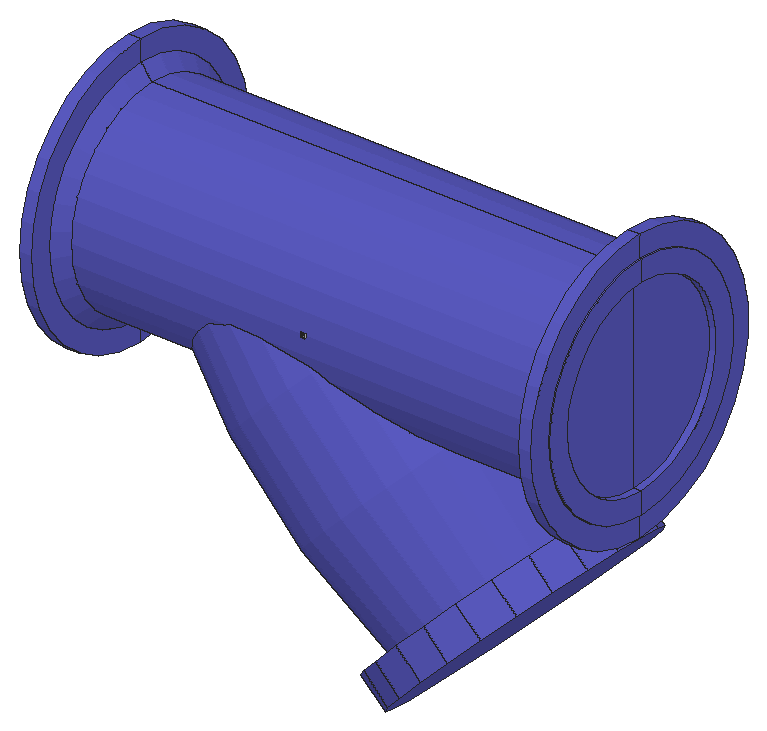
Revit family "HERZ Strainer 4111", category Rohrzubehör, Revit 2019
Family settings
  Bemaßung runder Anschluss = Durchmesser verwenden
  Teiletyp = Unterbricht
  OmniClass-Nummer = 23.65.55.14
  OmniClass-Titel = Valves for Liquid Services
  Arbeitsebenenbasiert = Nein
  Immer vertikal = Ja
  Beim Laden mit Abzugskörper schneiden = Nein
  Gemeinsam genutzt = Nein
Parameters
  Weight [instance] = size_lookup("4111_F_", "Gew", 0, Nennweite)  # 505
  Part number [instance] = size_lookup("4111_F_", "Artnr", 0, Nennweite)  # 4411190
  PN = 1600000.0 Pa  # constant formula
  kvs [instance] = if(Nennweite = 50.000 mm, 51, if(Nennweite = 65.000 mm, 70, if(Nennweite = 80.000 mm, 114, if(Nennweite = 100.000 mm, 197, if(Nennweite = 125.000 mm, 271, if(Nennweite = 150.000 mm, 349, if(Nennweite = 200.000 mm, 449, if(Nennweite = 250.000 mm, 994, if(Nennweite = 300.000 mm, 1566, if(Nennweite = 350.000 mm, 2461, 3645))))))))))  # 3645
  Reinforcing frame = "stainless steel"  # constant formula
  W02 = 45.00°  # constant formula
  W01 = 140.00°  # constant formula
  Plug sealing = "copper"  # constant formula
  Plug = "steel St37"  # constant formula
  URL = "www.herzvalves.com"
  Schrauben [instance] = if(Nennweite = 50.000 mm, "4x M16x60", if(Nennweite = 65.000 mm, "4x M16x60", if(Nennweite = 80.000 mm, "8x M16x65", if(Nennweite = 100.000 mm, "8x M16x65", if(Nennweite = 125.000 mm, "8x M16x70", if(Nennweite = 150.000 mm, "8x M20x70", if(Nennweite = 200.000 mm, "12x M20x75", if(Nennweite = 250.000 mm, "12x M24x85", if(Nennweite = 300.000 mm, "12x M24x85", if(Nennweite = 350.000 mm, "16x M24x90", "16x M27x100"))))))))))  # "16x M27x100"
  SCRNSEQ = "AWI;AWI_TYP=\"1011\";2"
  SCRNCODE = "05;15;02"  # constant formula
  S01 [instance] = 2 * FLD01  # 580.000 mm
  R02 [instance] = size_lookup("4111_F_", "R2", 1.000 mm, Nennweite)  # 221.000 mm
  R01 [instance] = size_lookup("4111_F_", "R1", 1.000 mm, Nennweite)  # 250.000 mm
  Nennweite [instance] = 400.000 mm
  Min. operating temperature = -10 °C  # constant formula
  Medium = "Heating water quality according ÖNORM H5195 or VDI-Standard 2035. The use of ethylene or propylene glycol in a mixing ratio 25-50% is allowed."
  Max. operating temperature = 120 °C  # constant formula
  L02 [instance] = size_lookup("4111_F_", "L2", 1.000 mm, Nennweite)  # 301.000 mm
  Hersteller = "HERZ Armaturen Ges.m.b.H."  # constant formula
  L01 [instance] = size_lookup("4111_F_", "L1", 1.000 mm, Nennweite)  # 550.000 mm
  H01 [instance] = size_lookup("4111_F_", "H1", 1.000 mm, Nennweite)  # 479.500 mm
  Filter (DN50-DN80) = "AISI 304, mesh size 600 μm"  # constant formula
  Filter (DN100-DN400) = "AISI 304, mesh size 1500 μm"  # constant formula
  FLL02 [instance] = size_lookup("4111_F_", "FLL2", 1.000 mm, Nennweite)  # 30.000 mm
  FLL01 [instance] = size_lookup("4111_F_", "FLL1", 1.000 mm, Nennweite)  # 4.000 mm
  FLD02 [instance] = size_lookup("4111_F_", "FLD2", 1.000 mm, Nennweite)  # 245.000 mm
  FLD01 [instance] = size_lookup("4111_F_", "FLD1", 1.000 mm, Nennweite)  # 290.000 mm
  Seal = "Klingerit"  # constant formula
  DN80 [instance] = Nennweite = 80.000 mm  # no
  DN65 [instance] = Nennweite = 65.000 mm  # no
  DN50 [instance] = Nennweite = 50.000 mm  # no
  DN400 [instance] = Nennweite = 400.000 mm  # yes
  DN350 [instance] = Nennweite = 350.000 mm  # no
  DN300 [instance] = Nennweite = 300.000 mm  # no
  DN250 [instance] = Nennweite = 250.000 mm  # no
  DN200 [instance] = Nennweite = 200.000 mm  # no
  DN150 [instance] = Nennweite = 150.000 mm  # no
  DN125 [instance] = Nennweite = 125.000 mm  # no
  DN100 [instance] = Nennweite = 100.000 mm  # no
  DN [instance] = Nennweite / 2  # 200.000 mm
  D01 [instance] = size_lookup("4111_F_", "D1", 1.000 mm, Nennweite)  # 216.000 mm
  Body = "GG25"  # constant formula
  Bonnet = "GG25"  # constant formula
  Application = "For hot and cold water systems for fluids excluding acid and flammable fluids."
Reference planes
  plane 1 "Mitte (Vorne/hinten)": y = 0
  plane 2: z = 0
  plane 3 "Mitte (Links/rechts)": x = 0
Forms (mm)
  Revolve 1, solid, material "Herz-Marineblau", detail levels fine
    sketch origin (0, 0, 0) x (1, 0, 0) y (0, 0, 1)
      loop
        line (-546, 245) -> (-550, 245) -> (-550, 200) -> (-533.79, 200) -> (-533.79, 0) -> (533.79, 0) -> (533.79, 200) -> (550, 200) -> (550, 245) -> (546, 245) -> (546, 290) -> (520, 290) -> (520, 234.5) -> (504.477, 216) -> (-495.666, 216) -> (-520, 245) -> (-520, 290) -> (-546, 290) -> (-546, 245)
      axis (-550, 0) -> (550, 0)
    angle from 0 to 360
  Revolve 2, solid, material "Herz-Marineblau", detail levels fine
    sketch origin (0, 0, 0) x (1, 0, 0) y (0, 0, 1)
      loop
        line (-230.5, 0) -> (-371.921, -141.421)
        arc (-371.921, -141.421) -> (-167.867, -415.168) -> (92.729, -635.771) r 1502.314
        line (92.729, -635.771) -> (249, -479.5) -> (-230.5, 0)
      axis (-230.5, 0) -> (249, -479.5)
    angle from 0 to 360
  Extrusion 3, solid, material "Herz-Marineblau", visible <- "DN50", detail levels fine
    sketch origin (12, 0, -74) x (0, 1, 0) y (0.707107, 0, 0.707107)
      loop
        arc (50, 40) -> (47.071, 47.071) -> (40, 50) r 10
        line (40, 50) -> (-40, 50)
        arc (-40, 50) -> (-47.071, 47.071) -> (-50, 40) r 10
        line (-50, 40) -> (-50, -40)
        arc (-50, -40) -> (-47.071, -47.071) -> (-40, -50) r 10
        line (-40, -50) -> (40, -50)
        arc (40, -50) -> (47.071, -47.071) -> (50, -40) r 10
        line (50, -40) -> (50, 40)
    from 30.5 to 0
  Extrusion 4, solid, material "Herz-Marineblau", visible <- "DN65", detail levels fine
    sketch origin (17, 0, -102.5) x (0, 1, 0) y (0.707107, 0, 0.707107)
      loop
        line (-60, 40) -> (-60, -40)
        arc (-60, -40) -> (-54.142, -54.142) -> (-40, -60) r 20
        line (-40, -60) -> (40, -60)
        arc (40, -60) -> (54.142, -54.142) -> (60, -40) r 20
        line (60, -40) -> (60, 40)
        arc (60, 40) -> (54.142, 54.142) -> (40, 60) r 20
        line (40, 60) -> (-40, 60)
        arc (-40, 60) -> (-54.142, 54.142) -> (-60, 40) r 20
    from 33 to 0
  Extrusion 5, solid, material "Herz-Marineblau", visible <- "DN80", detail levels fine
    sketch origin (44, 0, -118) x (0, 1, 0) y (0.707107, 0, 0.707107)
      loop
        line (-67, 47) -> (-67, -47)
        arc (-67, -47) -> (-61.142, -61.142) -> (-47, -67) r 20
        line (-47, -67) -> (47, -67)
        arc (47, -67) -> (61.142, -61.142) -> (67, -47) r 20
        line (67, -47) -> (67, 47)
        arc (67, 47) -> (61.142, 61.142) -> (47, 67) r 20
        line (47, 67) -> (-47, 67)
        arc (-47, 67) -> (-61.142, 61.142) -> (-67, 47) r 20
    from 34 to 0
  Extrusion 6, solid, material "Herz-Marineblau", visible <- "DN100", detail levels fine
    sketch origin (43, -449.258, -142) x (0, 1, 0) y (0.707107, 0, 0.707107)
      loop
        line (544.008, 0) -> (531.314, 47.375) -> (496.633, 82.056) -> (449.258, 94.75) -> (401.883, 82.056) -> (367.203, 47.375) -> (354.508, 0) -> (367.203, -47.375) -> (401.883, -82.056) -> (449.258, -94.75) -> (496.633, -82.056) -> (531.314, -47.375) -> (544.008, 0)
    from 35.5 to 0
  Extrusion 7, solid, material "Herz-Marineblau", visible <- "DN125", detail levels fine
    sketch origin (54, -422.813, -170) x (0, 1, 0) y (0.707107, 0, 0.707107)
      loop
        line (535.313, 0) -> (520.241, 56.25) -> (479.063, 97.428) -> (422.813, 112.5) -> (366.563, 97.428) -> (325.386, 56.25) -> (310.313, 0) -> (325.386, -56.25) -> (366.563, -97.428) -> (422.813, -112.5) -> (479.063, -97.428) -> (520.241, -56.25) -> (535.313, 0)
    from 44.5 to 0
  Extrusion 8, solid, material "Herz-Marineblau", visible <- "DN150", detail levels fine
    sketch origin (61.5, -490.074, -187.5) x (0, 1, 0) y (0.707107, 0, 0.707107)
      loop
        line (621.324, 0) -> (603.739, 65.625) -> (555.699, 113.666) -> (490.074, 131.25) -> (424.449, 113.666) -> (376.408, 65.625) -> (358.824, 0) -> (376.408, -65.625) -> (424.449, -113.666) -> (490.074, -131.25) -> (555.699, -113.666) -> (603.739, -65.625) -> (621.324, 0)
    from 44.7 to 0
  Extrusion 9, solid, material "Herz-Marineblau", visible <- "DN200", detail levels fine
    sketch origin (82, -429.19, -249) x (0, 1, 0) y (0.707107, 0, 0.707107)
      loop
        line (588.19, 0) -> (566.888, 79.5) -> (508.69, 137.698) -> (429.19, 159) -> (349.69, 137.698) -> (291.492, 79.5) -> (270.19, 0) -> (291.492, -79.5) -> (349.69, -137.698) -> (429.19, -159) -> (508.69, -137.698) -> (566.888, -79.5) -> (588.19, 0)
    from 47 to 0
  Extrusion 10, solid, material "Herz-Marineblau", visible <- "DN250", detail levels fine
    sketch origin (109.5, -496.545, -300) x (0, 1, 0) y (0.707107, 0, 0.707107)
      loop
        line (686.545, 0) -> (680.071, 49.176) -> (661.09, 95) -> (630.895, 134.35) -> (591.545, 164.545) -> (545.72, 183.526) -> (496.545, 190) -> (447.369, 183.526) -> (401.545, 164.545) -> (362.194, 134.35) -> (332, 95) -> (313.019, 49.176) -> (306.545, 0) -> (313.019, -49.176) -> (332, -95) -> (362.194, -134.35) -> (401.545, -164.545) -> (447.369, -183.526) -> (496.545, -190) -> (545.72, -183.526) -> (591.545, -164.545) -> (630.895, -134.35) -> (661.09, -95) -> (680.071, -49.176) -> (686.545, 0)
    from 56.5 to 0
  Extrusion 11, solid, material "Herz-Marineblau", visible <- "DN300", detail levels fine
    sketch origin (82, 617.078, -333) x (0, 1, 0) y (0.707107, 0, 0.707107)
      loop
        line (-390.078, 0) -> (-397.813, 58.752) -> (-420.49, 113.5) -> (-456.565, 160.513) -> (-503.578, 196.588) -> (-558.326, 219.265) -> (-617.078, 227) -> (-675.83, 219.265) -> (-730.578, 196.588) -> (-777.591, 160.513) -> (-813.666, 113.5) -> (-836.343, 58.752) -> (-844.078, 0) -> (-836.343, -58.752) -> (-813.666, -113.5) -> (-777.591, -160.513) -> (-730.578, -196.588) -> (-675.83, -219.265) -> (-617.078, -227) -> (-558.326, -219.265) -> (-503.578, -196.588) -> (-456.565, -160.513) -> (-420.49, -113.5) -> (-397.813, -58.752) -> (-390.078, 0)
    from 61 to 0
  Extrusion 12, solid, material "Herz-Marineblau", visible <- "DN350", detail levels fine
    sketch origin (211, 802.601, -476) x (0, 1, 0) y (0.707107, 0, 0.707107)
      loop
        line (-547.601, 0) -> (-556.29, 65.999) -> (-581.764, 127.5) -> (-622.288, 180.312) -> (-675.101, 220.836) -> (-736.602, 246.311) -> (-802.601, 255) -> (-868.6, 246.311) -> (-930.101, 220.836) -> (-982.913, 180.312) -> (-1023.437, 127.5) -> (-1048.912, 65.999) -> (-1057.601, 0) -> (-1048.912, -65.999) -> (-1023.437, -127.5) -> (-982.913, -180.312) -> (-930.101, -220.836) -> (-868.6, -246.311) -> (-802.601, -255) -> (-736.602, -246.311) -> (-675.101, -220.836) -> (-622.288, -180.312) -> (-581.764, -127.5) -> (-556.29, -65.999) -> (-547.601, 0)
    from 73 to 0
  Extrusion 13, solid, material "Herz-Marineblau", visible <- "DN400", detail levels fine
    sketch origin (249, 812.573, -479.5) x (0, 1, 0) y (0.707107, 0, 0.707107)
      loop
        line (-532.573, 0) -> (-542.114, 72.469) -> (-570.086, 140) -> (-614.583, 197.99) -> (-672.573, 242.487) -> (-740.104, 270.459) -> (-812.573, 280) -> (-885.042, 270.459) -> (-952.573, 242.487) -> (-1010.563, 197.99) -> (-1055.06, 140) -> (-1083.032, 72.469) -> (-1092.573, 0) -> (-1083.032, -72.469) -> (-1055.06, -140) -> (-1010.563, -197.99) -> (-952.573, -242.487) -> (-885.042, -270.459) -> (-812.573, -280) -> (-740.104, -270.459) -> (-672.573, -242.487) -> (-614.583, -197.99) -> (-570.086, -140) -> (-542.114, -72.469) -> (-532.573, 0)
    from 74 to 0
Lines and regions (mm)
  model lines, detail levels coarse+medium
    curve 1: line (-550, 0, 290) -> (550, 0, 290)
    curve 2: line (-550, 0, -290) -> (-550, 0, 290)
    curve 3: line (550, 0, -290) -> (-550, 0, -290)
    curve 4: line (550, 0, 290) -> (550, 0, -290)
    curve 5: line (550, 0, -290) -> (-550, 0, 290)
    curve 6: line (-550, 290, 0) -> (550, 290, 0)
    curve 7: line (-550, -290, 0) -> (-550, 290, 0)
    curve 8: line (550, -290, 0) -> (-550, -290, 0)
    curve 9: line (550, 290, 0) -> (550, -290, 0)
    curve 10: line (550, -290, 0) -> (-550, 290, 0)
Dimensions and locks
  "FLD01": Revolve 1 sketch curve to plane 2  (x2)
  "FLD02": Revolve 1 sketch curve to plane 2  (x3)
  "DN": Revolve 1 sketch curve to plane 2  (x2)
  "L01": Revolve 1 sketch curve to plane 3 "Mitte (Links/rechts)"  (x2)
  "FLL01": Revolve 1 sketch curve to Revolve 1 sketch curve  (x2)
  "FLL02": Revolve 1 sketch curve to Revolve 1 sketch curve  (x2)
  "D01": Revolve 1 sketch curve to plane 2  (x2)
  "H01": plane 2 to Revolve 2 sketch curve
  "L02": Revolve 2 sketch curve to Revolve 1
  "R02": Revolve 2 sketch curve to Revolve 2 sketch curve
  "DN": Revolve 2 sketch curve to Revolve 2 sketch curve
  "D01": nested 1 to plane 1 "Mitte (Vorne/hinten)"
  "L01": plane 3 "Mitte (Links/rechts)" to curve 2
  "L01": plane 3 "Mitte (Links/rechts)" to curve 4
  equal spacing: curve 5, plane 2, curve 3
  "S01": curve 1 to curve 3
  equal spacing: curve 8, plane 1 "Mitte (Vorne/hinten)", curve 6
  "S01": curve 8 to curve 6
  "L01": curve 7 to plane 3 "Mitte (Links/rechts)"
  "L01": plane 3 "Mitte (Links/rechts)" to curve 9
  "R01": Revolve 2 sketch curve to Revolve 2 sketch curve
  "W01": angle Revolve 1 sketch curve to Revolve 1 sketch curve  (x2)
  "W02": angle Revolve 2 sketch curve to plane 2
  aligned and locked: level to plane 2
Automatic sketch dimensions
  plane 1 "Mitte (Vorne/hinten)" to Extrusion 3 sketch curve = 50.000 mm
  Extrusion 3 sketch curve to Extrusion 3 sketch curve = 10.000 mm  (x3)
  Extrusion 3 sketch curve to plane 1 "Mitte (Vorne/hinten)" = 40.000 mm  (x2)
  Extrusion 3 sketch curve to Extrusion 3 sketch curve = 80.000 mm
  plane 1 "Mitte (Vorne/hinten)" to Extrusion 4 sketch curve = 60.000 mm
  Extrusion 4 sketch curve to Extrusion 4 sketch curve = 20.000 mm  (x3)
  Extrusion 4 sketch curve to plane 1 "Mitte (Vorne/hinten)" = 40.000 mm  (x2)
  Extrusion 4 sketch curve to Extrusion 4 sketch curve = 80.000 mm
  plane 1 "Mitte (Vorne/hinten)" to Extrusion 5 sketch curve = 67.000 mm
  Extrusion 5 sketch curve to Extrusion 5 sketch curve = 20.000 mm  (x3)
  Extrusion 5 sketch curve to plane 1 "Mitte (Vorne/hinten)" = 47.000 mm  (x2)
  Extrusion 5 sketch curve to Extrusion 5 sketch curve = 94.000 mm
  Extrusion 6 sketch curve to plane 1 "Mitte (Vorne/hinten)" = 0.000 mm  (x2)
  plane 1 "Mitte (Vorne/hinten)" to Extrusion 6 sketch curve = 47.375 mm  (x2)
  Extrusion 6 sketch curve to Extrusion 6 sketch curve = 34.681 mm  (x8)
  Extrusion 6 sketch curve to Extrusion 6 sketch curve = 12.694 mm  (x5)
  Extrusion 6 sketch curve to plane 1 "Mitte (Vorne/hinten)" = 47.375 mm  (x2)
  Extrusion 6 sketch curve to Extrusion 6 sketch curve = 47.375 mm  (x4)
  Extrusion 7 sketch curve to plane 1 "Mitte (Vorne/hinten)" = 0.000 mm  (x2)
  plane 1 "Mitte (Vorne/hinten)" to Extrusion 7 sketch curve = 56.250 mm  (x2)
  Extrusion 7 sketch curve to Extrusion 7 sketch curve = 41.178 mm  (x8)
  Extrusion 7 sketch curve to Extrusion 7 sketch curve = 15.072 mm  (x5)
  Extrusion 7 sketch curve to plane 1 "Mitte (Vorne/hinten)" = 56.250 mm  (x2)
  Extrusion 7 sketch curve to Extrusion 7 sketch curve = 56.250 mm  (x4)
  Extrusion 8 sketch curve to plane 1 "Mitte (Vorne/hinten)" = 0.000 mm  (x2)
  plane 1 "Mitte (Vorne/hinten)" to Extrusion 8 sketch curve = 65.625 mm  (x2)
  Extrusion 8 sketch curve to Extrusion 8 sketch curve = 48.041 mm  (x8)
  Extrusion 8 sketch curve to Extrusion 8 sketch curve = 17.584 mm  (x5)
  Extrusion 8 sketch curve to plane 1 "Mitte (Vorne/hinten)" = 65.625 mm  (x2)
  Extrusion 8 sketch curve to Extrusion 8 sketch curve = 65.625 mm  (x4)
  Extrusion 9 sketch curve to plane 1 "Mitte (Vorne/hinten)" = 0.000 mm  (x2)
  plane 1 "Mitte (Vorne/hinten)" to Extrusion 9 sketch curve = 79.500 mm  (x2)
  Extrusion 9 sketch curve to Extrusion 9 sketch curve = 58.198 mm  (x8)
  Extrusion 9 sketch curve to Extrusion 9 sketch curve = 21.302 mm  (x5)
  Extrusion 9 sketch curve to plane 1 "Mitte (Vorne/hinten)" = 79.500 mm  (x2)
  Extrusion 9 sketch curve to Extrusion 9 sketch curve = 79.500 mm  (x4)
  Extrusion 10 sketch curve to plane 1 "Mitte (Vorne/hinten)" = 0.000 mm  (x2)
  plane 1 "Mitte (Vorne/hinten)" to Extrusion 10 sketch curve = 49.176 mm  (x2)
  Extrusion 10 sketch curve to Extrusion 10 sketch curve = 45.824 mm  (x8)
  Extrusion 10 sketch curve to Extrusion 10 sketch curve = 39.350 mm  (x8)
  Extrusion 10 sketch curve to Extrusion 10 sketch curve = 30.195 mm  (x8)
  Extrusion 10 sketch curve to Extrusion 10 sketch curve = 18.981 mm  (x8)
  Extrusion 10 sketch curve to Extrusion 10 sketch curve = 6.474 mm  (x5)
  Extrusion 10 sketch curve to plane 1 "Mitte (Vorne/hinten)" = 49.176 mm  (x2)
  Extrusion 10 sketch curve to Extrusion 10 sketch curve = 49.176 mm  (x4)
  Extrusion 11 sketch curve to plane 1 "Mitte (Vorne/hinten)" = 0.000 mm  (x2)
  plane 1 "Mitte (Vorne/hinten)" to Extrusion 11 sketch curve = 58.752 mm  (x2)
  Extrusion 11 sketch curve to Extrusion 11 sketch curve = 54.748 mm  (x8)
  Extrusion 11 sketch curve to Extrusion 11 sketch curve = 47.013 mm  (x8)
  Extrusion 11 sketch curve to Extrusion 11 sketch curve = 36.075 mm  (x8)
  Extrusion 11 sketch curve to Extrusion 11 sketch curve = 22.677 mm  (x8)
  Extrusion 11 sketch curve to Extrusion 11 sketch curve = 7.735 mm  (x5)
  Extrusion 11 sketch curve to plane 1 "Mitte (Vorne/hinten)" = 58.752 mm  (x2)
  Extrusion 11 sketch curve to Extrusion 11 sketch curve = 58.752 mm  (x4)
  Extrusion 12 sketch curve to plane 1 "Mitte (Vorne/hinten)" = 0.000 mm  (x2)
  plane 1 "Mitte (Vorne/hinten)" to Extrusion 12 sketch curve = 65.999 mm  (x2)
  Extrusion 12 sketch curve to Extrusion 12 sketch curve = 61.501 mm  (x8)
  Extrusion 12 sketch curve to Extrusion 12 sketch curve = 52.812 mm  (x8)
  Extrusion 12 sketch curve to Extrusion 12 sketch curve = 40.524 mm  (x8)
  Extrusion 12 sketch curve to Extrusion 12 sketch curve = 25.475 mm  (x8)
  Extrusion 12 sketch curve to Extrusion 12 sketch curve = 8.689 mm  (x5)
  Extrusion 12 sketch curve to plane 1 "Mitte (Vorne/hinten)" = 65.999 mm  (x2)
  Extrusion 12 sketch curve to Extrusion 12 sketch curve = 65.999 mm  (x4)
  Extrusion 13 sketch curve to plane 1 "Mitte (Vorne/hinten)" = 0.000 mm  (x2)
  plane 1 "Mitte (Vorne/hinten)" to Extrusion 13 sketch curve = 72.469 mm  (x2)
  Extrusion 13 sketch curve to Extrusion 13 sketch curve = 67.531 mm  (x8)
  Extrusion 13 sketch curve to Extrusion 13 sketch curve = 57.990 mm  (x8)
  Extrusion 13 sketch curve to Extrusion 13 sketch curve = 44.497 mm  (x8)
  Extrusion 13 sketch curve to Extrusion 13 sketch curve = 27.972 mm  (x8)
  Extrusion 13 sketch curve to Extrusion 13 sketch curve = 9.541 mm  (x5)
  Extrusion 13 sketch curve to plane 1 "Mitte (Vorne/hinten)" = 72.469 mm  (x2)
  Extrusion 13 sketch curve to Extrusion 13 sketch curve = 72.469 mm  (x4)
  Revolve 1 sketch curve to level = 0.000 mm  (x2)
  Revolve 1 sketch curve to Revolve 1 sketch curve = 16.210 mm  (x2)
  Revolve 1 sketch curve to Revolve 1 sketch curve = 15.523 mm
  Revolve 1 sketch curve to Revolve 1 sketch curve = 1391.530 mm
  Revolve 1 sketch curve to Revolve 1 sketch curve = 1724.148 mm
  Revolve 2 sketch curve to level = 0.000 mm  (x2)
  Revolve 2 sketch curve to Revolve 2 sketch curve = 0.000 mm  (x3)
Nested families
  nested 1: "Herz-Logo-vorne" at (0, -216, 0) x (0, -1, 0) z (0, 0, 1), type "Herz-Logo-vorne", detail levels fine
Connectors
  piping at (-550, 0, 0), diameter 400, driven by "Nennweite"
    settings: on Revolve 1, index 1, connector inside diameter 609.6 mm, connector length 0.000 mm, flow factor 0, pipe flow 0.0 L/s, pressure drop 0.0 Pa, fitting loss kfactor 0, connector angle 0.00°, fixture units 0, engagement length 0.000 mm, angle of deflection 0.00°, flow configuration 0, flow direction 1, fitting loss method 0, system type 29, joint type 0, gender type 0, connector reference index -1, connector utility 0, adjustable connector no, is connector primary yes, connector description ""
  piping at (550, 0, 0), diameter 400, driven by "Nennweite"
    settings: on Revolve 1, index 2, connector inside diameter 609.6 mm, connector length 0.000 mm, flow factor 0, pipe flow 0.0 L/s, pressure drop 0.0 Pa, fitting loss kfactor 0, connector angle 0.00°, fixture units 0, engagement length 0.000 mm, angle of deflection 0.00°, flow configuration 0, flow direction 2, fitting loss method 0, system type 29, joint type 0, gender type 0, connector reference index -1, connector utility 0, adjustable connector no, is connector primary no, connector description ""
Definition of nested family "Herz-Logo-vorne"
  Reference planes
    plane 1 "Mitte (Vorne/hinten)": y = 0
    plane 2: z = 0
    plane 3 "Mitte (Links/rechts)": x = 0
  Forms (mm)
    Extrusion 1, solid
      sketch origin (0.732, -0.018, 0.017) x (0, -1, 0) y (0, 0, 1)
        loop
          line (-0.018, -4.517) -> (4.482, -4.517) -> (4.482, 4.483) -> (-4.518, 4.483) -> (-4.518, -4.517) -> (-0.018, -4.517)
        loop
          line (-0.05, -3.48) -> (3.482, -3.48) -> (3.482, 3.483) -> (-3.518, 3.483) -> (-3.518, -3.48) -> (-0.05, -3.48)
        loop
          arc (-0.018, 2.383) -> (-1.543, 3.287) -> (-3.067, 2.383) r 1.738
          arc (-3.067, 2.383) -> (-3.191, 1.899) -> (-3.067, 1.415) r 1.009
          line (-3.067, 1.415) -> (-0.018, -3.281) -> (3.032, 1.415)
          arc (3.032, 1.415) -> (3.156, 1.899) -> (3.032, 2.383) r 1.009
          arc (3.032, 2.383) -> (1.507, 3.287) -> (-0.018, 2.383) r 1.738
        loop
          arc (1.885, 1.272) -> (2.005, 1.675) -> (1.885, 2.079) r 0.74
          arc (1.885, 2.079) -> (1.265, 2.416) -> (0.644, 2.079) r 0.74
          line (0.644, 2.079) -> (-0.018, 0.97) -> (-0.679, 2.079)
          arc (-0.679, 2.079) -> (-1.3, 2.416) -> (-1.921, 2.079) r 0.74
          arc (-1.921, 2.079) -> (-2.04, 1.675) -> (-1.921, 1.272) r 0.74
          line (-1.921, 1.272) -> (-0.018, -1.658) -> (1.885, 1.272)
      from 0 to 1.5
  Dimensions and locks
    aligned and locked: level to plane 2
